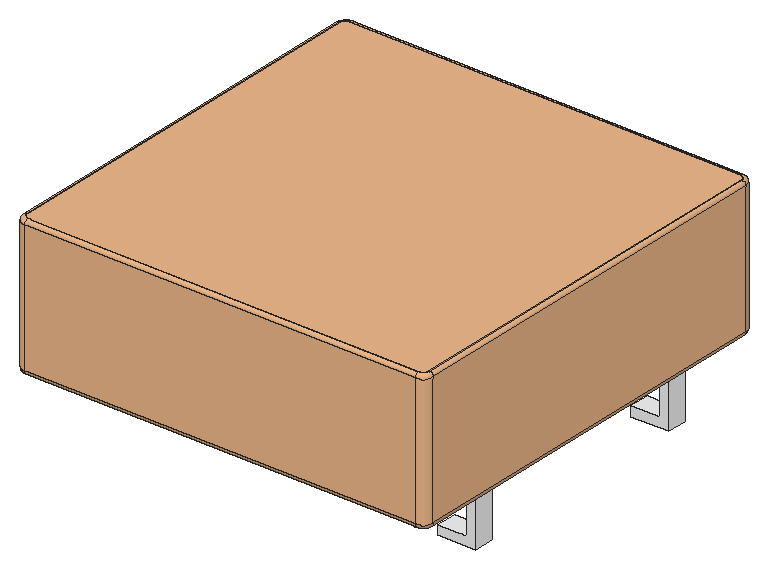
Revit family "4088edf48b224713a7582fe300ee50a6", category Mobilier, Revit 2021
Family settings
  Basée sur le plan de construction = Non
  Toujours verticalement = Oui
  Couper avec des vides une fois chargée = Non
  Partagée = Non
  Point de calcul de pièce = Non
Parameters (values of type "1000mm x 1000mm")
  Manufacturer = ""
  Default Elevation = 0 mm
  Pieds = Métal - Chrome
  Repose pieds [instance] = Cuir - Beige
Reference planes
  plane 1 "Centre (avant/arrière)": y = 0
  plane 2: z = 0
  plane 3 "Centre (gauche/droite)": x = 0
Forms (mm)
  Extrusion 1, solid, material "Cuir - Beige" <- "Repose pieds"
    sketch origin (1084.275, -50.432, 115) x (1, 0, 0) y (0, 1, 0)
      loop
        line (-591.622, 65.132) -> (-591.622, 1035.738)
        arc (-591.622, 1035.738) -> (-595.925, 1046.128) -> (-606.315, 1050.432) r 14.693
        line (-606.315, 1050.432) -> (-1576.928, 1050.432)
        arc (-1576.928, 1050.432) -> (-1587.318, 1046.128) -> (-1591.622, 1035.738) r 14.693
        line (-1591.622, 1035.738) -> (-1591.622, 65.125)
        arc (-1591.622, 65.125) -> (-1587.318, 54.735) -> (-1576.928, 50.432) r 14.693
        line (-1576.928, 50.432) -> (-606.322, 50.432)
        arc (-606.322, 50.432) -> (-595.927, 54.737) -> (-591.622, 65.132) r 14.7
    from 0 to 345
  Sweep 2, solid, material "Cuir - Beige" <- "Repose pieds"
    path origin (1084.275, -50.432, 0) x (1, 0, 0) y (0, 1, 0)
      loop
        line (-606.315, 1050.432) -> (-1576.928, 1050.432)
        arc (-1576.928, 1050.432) -> (-1587.318, 1046.128) -> (-1591.622, 1035.738) r 14.693
        line (-1591.622, 1035.738) -> (-1591.622, 65.125)
        arc (-1591.622, 65.125) -> (-1587.318, 54.735) -> (-1576.928, 50.432) r 14.693
        line (-1576.928, 50.432) -> (-606.322, 50.432)
        arc (-606.322, 50.432) -> (-595.927, 54.737) -> (-591.622, 65.132) r 14.7
        line (-591.622, 65.132) -> (-591.622, 1035.738)
        arc (-591.622, 1035.738) -> (-595.925, 1046.128) -> (-606.315, 1050.432) r 14.693
    profile origin (-7.347, 1000, 0) x (0, -1, 0) y (0, 0, 1)
      loop
        arc (0, 460) -> (-7.071, 457.071) -> (-10, 450) r 10
        line (-10, 450) -> (-10, 125)
        arc (-10, 125) -> (-7.071, 117.929) -> (0, 115) r 10
        line (0, 115) -> (0, 460)
  Extrusion 3, solid, material "Métal - Chrome" <- "Pieds"
    sketch origin (1107.942, 809.568, 0) x (1, 0, 0) y (0, 0, 1)
      loop
        line (-1615.289, 115) -> (-1615.289, -0.916) -> (-1521.779, -0.916) -> (-1521.779, 22.224) -> (-1592.477, 22.224) -> (-1592.477, 115) -> (-1615.289, 115)
      loop
        line (-638.1, 115) -> (-638.1, 22.224) -> (-708.799, 22.224) -> (-708.799, -0.916) -> (-615.289, -0.916) -> (-615.289, 115) -> (-638.1, 115)
    from 0 to 50
  Extrusion 4, solid, material "Métal - Chrome" <- "Pieds"
    sketch origin (1107.942, 209.568, 0) x (1, 0, 0) y (0, 0, 1)
      loop
        line (-1521.779, 22.224) -> (-1592.477, 22.224) -> (-1592.477, 115) -> (-1615.289, 115) -> (-1615.289, -0.916) -> (-1521.779, -0.916) -> (-1521.779, 22.224)
      loop
        line (-638.1, 22.224) -> (-708.799, 22.224) -> (-708.799, -0.916) -> (-615.289, -0.916) -> (-615.289, 115) -> (-638.1, 115) -> (-638.1, 22.224)
    from 0 to 50
Dimensions and locks
  aligned and locked: Extrusion 4 sketch curve to Extrusion 3  (x12)
  aligned and locked: Extrusion 1 to Sweep 2  (x2)
  aligned and locked: Extrusion 4 to Sweep 2
  aligned and locked: Extrusion 3 to Sweep 2
  aligned and locked: Sweep 2 sketch curve to Extrusion 1
